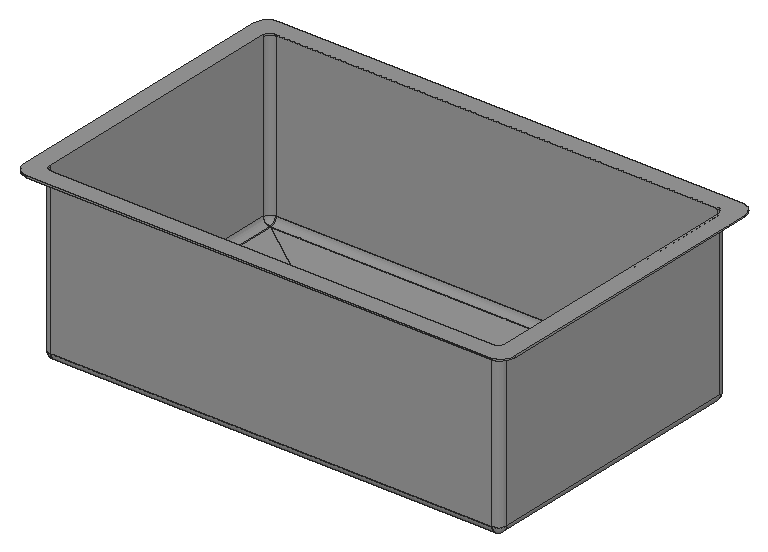
Revit family "BUILDMAT-SNA01005-Avisa-700-Stainless-Steel", category Plumbing Fixtures, host Face, Revit 2020
Family settings
  Host = Face
  Round Connector Dimension = Use Diameter
  Part Type = Normal
  Cut with Voids When Loaded = No
  Shared = No
  Room Calculation Point = No
Parameters (values of type "Avisa 700x450x250mm")
  Width = 650.0 mm
  Undermount [instance] = 0.0 mm
  URL = "https://www.buildmat.com.au/products/700x450x250-single-bowl-kitchen-sink"
  Side Sound Pad = yes
  Side Brackets = yes
  Model = "SNA01005"  # constant formula
  Middle Sound Pad = no
  Middle Bracket = yes
  Manufacturer URL = "https://www.buildmat.com.au/"
  Manufacturer = "BUILDMAT"  # constant formula
  Length = 400.0 mm
  Description = "BUILDMAT - Avisa 700x450 - Large Single Bowl Sink"  # constant formula
  Depth = 250.0 mm
  Default Elevation = 1219.2 mm
  Created By URL = "https://www.buildmat.com.au/"
  Created By = "BUILDMAT"  # constant formula
  Created = "22.06.2022"  # constant formula
  Material = BUILDMAT Stainless Steel
Reference planes
  plane 1 "Center (Front/Back)": y = 0
  plane 2: z = 0
  plane 3 "Center (Left/Right)": x = 0
  plane 4 "Top Substrate": z = 0
  plane 5 "Left": x = -325
  plane 6 "Right": x = 325
  plane 7 "Back": y = 200
  plane 8 "Front": y = -200
  plane 9: x = -350
  plane 10: x = 350
  plane 11: y = -225
  plane 12: y = 225
  plane 13 "Bottom Void": z = -250
  plane 14: z = 1.5
  plane 15: x = -326.5
  plane 16: y = -201.5
  plane 17: x = 326.5
  plane 18: y = 201.5
  plane 19: z = -240
  plane 20: z = -230
  plane 21: x = -315
  plane 22: x = 315
  plane 23: y = -190
  plane 24: y = 190
  plane 25: z = -245
  plane 26: z = -241.5
  plane 27: z = -246.5
  plane 28: x = -100
  plane 29: x = 100
  plane 30 "Sound Pad": z = -130
  plane 31 "Front Bracket": y = -100
  plane 32 "Back Bracket": y = 100
  plane 33: x = -225
  plane 34: x = 225
  plane 35: x = -57
  plane 36: x = 57
  plane 37: x = -45
  plane 38: x = 45
Forms (mm)
  Extrusion 1, void
    sketch origin (0, 0, 0) x (1, 0, 0) y (0, 1, 0)
      loop
        arc (-315, 200) -> (-322.071, 197.071) -> (-325, 190) r 10
        line (-325, 190) -> (-325, -190)
        arc (-325, -190) -> (-322.071, -197.071) -> (-315, -200) r 10
        line (-315, -200) -> (315, -200)
        arc (315, -200) -> (322.071, -197.071) -> (325, -190) r 10
        line (325, -190) -> (325, 190)
        arc (325, 190) -> (322.071, 197.071) -> (315, 200) r 10
        line (315, 200) -> (-315, 200)
    from 0 to 1.5
  Extrusion 2, void
    sketch origin (0, 0, 0) x (1, 0, 0) y (0, 1, 0)
      loop
        line (-326.5, 201.5) -> (-326.5, -201.5) -> (326.5, -201.5) -> (326.5, 201.5) -> (-326.5, 201.5)
    from 0 to -250
  Extrusion 3, void
    sketch origin (0, 0, 0) x (1, 0, 0) y (0, 1, 0)
      loop
        arc (-330, 225) -> (-344.142, 219.142) -> (-350, 205) r 20
        line (-350, 205) -> (-350, -205)
        arc (-350, -205) -> (-344.142, -219.142) -> (-330, -225) r 20
        line (-330, -225) -> (330, -225)
        arc (330, -225) -> (344.142, -219.142) -> (350, -205) r 20
        line (350, -205) -> (350, 205)
        arc (350, 205) -> (344.142, 219.142) -> (330, 225) r 20
        line (330, 225) -> (-330, 225)
    from 1.5 to 0
  Extrusion 4, solid, material "BUILDMAT Stainless Steel" <- "Material"
    sketch origin (0, 0, 0) x (-1, 0, 0) y (0, -1, 0)
      loop
        arc (330, -225) -> (344.142, -219.142) -> (350, -205) r 20
        line (350, -205) -> (350, 205)
        arc (350, 205) -> (344.142, 219.142) -> (330, 225) r 20
        line (330, 225) -> (-330, 225)
        arc (-330, 225) -> (-344.142, 219.142) -> (-350, 205) r 20
        line (-350, 205) -> (-350, -205)
        arc (-350, -205) -> (-344.142, -219.142) -> (-330, -225) r 20
        line (-330, -225) -> (330, -225)
      loop
        arc (315, -200) -> (322.071, -197.071) -> (325, -190) r 10
        line (325, -190) -> (325, 190)
        arc (325, 190) -> (322.071, 197.071) -> (315, 200) r 10
        line (315, 200) -> (-315, 200)
        arc (-315, 200) -> (-322.071, 197.071) -> (-325, 190) r 10
        line (-325, 190) -> (-325, -190)
        arc (-325, -190) -> (-322.071, -197.071) -> (-315, -200) r 10
        line (-315, -200) -> (315, -200)
    from 0 to 1.5
  Extrusion 5, solid, material "BUILDMAT Stainless Steel" <- "Material"
    sketch origin (0, 0, 0) x (-1, 0, 0) y (0, -1, 0)
      loop
        arc (315, -201.5) -> (323.132, -198.132) -> (326.5, -190) r 11.5
        line (326.5, -190) -> (326.5, 190)
        arc (326.5, 190) -> (323.132, 198.132) -> (315, 201.5) r 11.5
        line (315, 201.5) -> (-315, 201.5)
        arc (-315, 201.5) -> (-323.132, 198.132) -> (-326.5, 190) r 11.5
        line (-326.5, 190) -> (-326.5, -190)
        arc (-326.5, -190) -> (-323.132, -198.132) -> (-315, -201.5) r 11.5
        line (-315, -201.5) -> (315, -201.5)
      loop
        arc (-315, 200) -> (-322.071, 197.071) -> (-325, 190) r 10
        line (-325, 190) -> (-325, -190)
        arc (-325, -190) -> (-322.071, -197.071) -> (-315, -200) r 10
        line (-315, -200) -> (315, -200)
        arc (315, -200) -> (322.071, -197.071) -> (325, -190) r 10
        line (325, -190) -> (325, 190)
        arc (325, 190) -> (322.071, 197.071) -> (315, 200) r 10
        line (315, 200) -> (-315, 200)
    from 0 to -230
  Revolve 6, solid, material "BUILDMAT Stainless Steel" <- "Material"
    sketch origin (-175.162, 190, 1219.2) x (-1, 0, 0) y (0, 0, 1)
      loop
        line (-500.162, -1449.2) -> (-501.662, -1449.2)
        arc (-501.662, -1449.2) -> (-498.293, -1457.332) -> (-490.162, -1460.7) r 11.5
        line (-490.162, -1460.7) -> (-490.162, -1459.2)
        arc (-490.162, -1459.2) -> (-497.233, -1456.271) -> (-500.162, -1449.2) r 10
      axis (-490.162, -1460.7) -> (-490.162, -1449.2)
    angle from 0 to -90
  Revolve 7, solid, material "BUILDMAT Stainless Steel" <- "Material"
    sketch origin (-175.162, 190, 1219.2) x (-1, 0, 0) y (0, 0, 1)
      loop
        arc (149.838, -1449.2) -> (146.909, -1456.271) -> (139.838, -1459.2) r 10
        line (139.838, -1459.2) -> (139.838, -1460.7)
        arc (139.838, -1460.7) -> (147.97, -1457.332) -> (151.338, -1449.2) r 11.5
        line (151.338, -1449.2) -> (149.838, -1449.2)
      axis (139.838, -1449.2) -> (139.838, -1460.7)
    angle from 0 to -90
  Revolve 8, solid, material "BUILDMAT Stainless Steel" <- "Material"
    sketch origin (-175.162, -190, 1219.2) x (-1, 0, 0) y (0, 0, 1)
      loop
        arc (149.838, -1449.2) -> (146.909, -1456.271) -> (139.838, -1459.2) r 10
        line (139.838, -1459.2) -> (139.838, -1460.7)
        arc (139.838, -1460.7) -> (147.97, -1457.332) -> (151.338, -1449.2) r 11.5
        line (151.338, -1449.2) -> (149.838, -1449.2)
      axis (139.838, -1449.2) -> (139.838, -1460.7)
    angle from 0 to 90
  Revolve 9, solid, material "BUILDMAT Stainless Steel" <- "Material"
    sketch origin (-175.162, -190, 1219.2) x (-1, 0, 0) y (0, 0, 1)
      loop
        line (-500.162, -1449.2) -> (-501.662, -1449.2)
        arc (-501.662, -1449.2) -> (-498.293, -1457.332) -> (-490.162, -1460.7) r 11.5
        line (-490.162, -1460.7) -> (-490.162, -1459.2)
        arc (-490.162, -1459.2) -> (-497.233, -1456.271) -> (-500.162, -1449.2) r 10
      axis (-490.162, -1449.2) -> (-490.162, -1460.7)
    angle from 0 to 90
  Extrusion 10, solid, material "BUILDMAT Stainless Steel" <- "Material"
    sketch origin (0, 0, 0) x (1, 0, 0) y (0, 0, 1)
      loop
        line (-325, -230) -> (-326.5, -230)
        arc (-326.5, -230) -> (-323.132, -238.132) -> (-315, -241.5) r 11.5
        line (-315, -241.5) -> (-315, -240)
        arc (-315, -240) -> (-322.071, -237.071) -> (-325, -230) r 10
    from -190 to 190
  Extrusion 11, solid, material "BUILDMAT Stainless Steel" <- "Material"
    sketch origin (0, 0, 0) x (1, 0, 0) y (0, 0, 1)
      loop
        arc (325, -230) -> (322.071, -237.071) -> (315, -240) r 10
        line (315, -240) -> (315, -241.5)
        arc (315, -241.5) -> (323.132, -238.132) -> (326.5, -230) r 11.5
        line (326.5, -230) -> (325, -230)
    from -190 to 190
  Extrusion 12, solid, material "BUILDMAT Stainless Steel" <- "Material"
    sketch origin (0, 0, 0) x (0, 1, 0) y (0, 0, 1)
      loop
        arc (200, -230) -> (197.071, -237.071) -> (190, -240) r 10
        line (190, -240) -> (190, -241.5)
        arc (190, -241.5) -> (198.132, -238.132) -> (201.5, -230) r 11.5
        line (201.5, -230) -> (200, -230)
    from -315 to 315
  Extrusion 13, solid, material "BUILDMAT Stainless Steel" <- "Material"
    sketch origin (0, 0, 0) x (0, 1, 0) y (0, 0, 1)
      loop
        line (-200, -230) -> (-201.5, -230)
        arc (-201.5, -230) -> (-198.132, -238.132) -> (-190, -241.5) r 11.5
        line (-190, -241.5) -> (-190, -240)
        arc (-190, -240) -> (-197.071, -237.071) -> (-200, -230) r 10
    from -315 to 315
  Revolve 14, solid, material "BUILDMAT Stainless Steel" <- "Material"
    sketch origin (0, 0, 0) x (1, 0, 0) y (0, 0, 1)
      loop
        line (-45, -250) -> (-45, -248.5)
        spline (-45, -248.5) -> (-46.484, -248.459) -> (-47.939, -248.339) -> (-49.337, -248.141) -> (-50.649, -247.871) -> (-51.848, -247.537) -> (-52.908, -247.151) -> (-53.805, -246.726) -> (-54.514, -246.283) -> (-55.023, -245.856) -> (-55.329, -245.483) -> (-55.468, -245.202) -> (-55.5, -245)
        line (-55.5, -245) -> (-57, -245)
        spline (-57, -245) -> (-56.897, -245.653) -> (-56.591, -246.294) -> (-56.087, -246.913) -> (-55.392, -247.5) -> (-54.52, -248.044) -> (-53.485, -248.536) -> (-52.305, -248.967) -> (-51, -249.33) -> (-49.592, -249.619) -> (-48.106, -249.83) -> (-46.566, -249.957) -> (-45, -250)
      axis (0, -245) -> (0, -250)
    angle from 0 to 360
  Blend 15, solid, material "BUILDMAT Stainless Steel" <- "Material"
    base sketch origin (0, 0, 0) x (-1, 0, 0) y (0, -1, 0)
      loop
        circle (0, 0) r 57
    top sketch origin (0, 0, 0) x (-1, 0, 0) y (0, -1, 0)
      loop
        line (315, -190) -> (315, 190) -> (-315, 190) -> (-315, -190) -> (315, -190)
    from -246.5 to -241.5
  Blend 16, void
    base sketch origin (0, 0, 0) x (-1, 0, 0) y (0, -1, 0)
      loop
        circle (0, 0) r 57
    top sketch origin (0, 0, 0) x (-1, 0, 0) y (0, -1, 0)
      loop
        line (315, -190) -> (315, 190) -> (-315, 190) -> (-315, -190) -> (315, -190)
    from -245 to -240
  Extrusion 17, solid, material "BUILDMAT Stainless Steel" <- "Material"
    sketch origin (0, 0, 0) x (-1, 0, 0) y (0, -1, 0)
      loop
        line (315, -190) -> (315, 190) -> (-315, 190) -> (-315, -190) -> (315, -190)
    from -241.5 to -240
  Extrusion 18, void
    sketch origin (0, 0, 0) x (-1, 0, 0) y (0, -1, 0)
      loop
        circle (0, 0) r 57
    from -250 to -230
Cuts and joins
  joined: Extrusion 4, Extrusion 5
  joined: Revolve 6, Revolve 9
  joined: Revolve 7, Revolve 8
  Blend 16, Extrusion 18 cuts Blend 15
  Blend 16, Extrusion 18 cuts Extrusion 17
  joined: Blend 15, Extrusion 17
Lines and regions (mm)
  Masking region 1
    outline origin (0, 0, 0) x (1, 0, 0) y (0, 0, 1)
      loop
        line (325, 0) -> (-325, 0) -> (-325, -230)
        arc (-325, -230) -> (-322.071, -237.071) -> (-315, -240) r 10
        line (-315, -240) -> (-57, -245) -> (57, -245) -> (315, -240)
        arc (315, -240) -> (322.071, -237.071) -> (325, -230) r 10
        line (325, -230) -> (325, 0)
  Masking region 2
    outline origin (0, 0, 0) x (1, 0, 0) y (0, 0, 1)
      loop
        line (-100, -245.667) -> (-100, -250) -> (-57, -250) -> (-57, -246.5) -> (-100, -245.667)
  Masking region 3
    outline origin (0, 0, 0) x (1, 0, 0) y (0, 0, 1)
      loop
        line (57, -246.5) -> (57, -250) -> (100, -250) -> (100, -245.667) -> (57, -246.5)
Text (mm)
  text "Refer to www.buildmat.com.au for the most current product literature. \nAllow a +/- 5mm tolerance for dimensions shown in the product literature. \nPlease note product details are subject to change due to ongoing product development." at (0.056, -1035.857, 0), in view "Ref. Level"
Dimensions and locks
  "Undermount": plane 2 to plane 4 "Top Substrate"
  equal spacing: plane 5 "Left", plane 3 "Center (Left/Right)", plane 6 "Right"
  "Width": plane 5 "Left" to plane 6 "Right"
  "Length": plane 7 "Back" to plane 8 "Front"
  equal spacing: plane 7 "Back", plane 1 "Center (Front/Back)", plane 8 "Front"
  locked: plane 12 to plane 7 "Back" at 25
  locked: plane 8 "Front" to plane 11 at 25
  locked: plane 9 to plane 5 "Left" at 25
  locked: plane 6 "Right" to plane 10 at 25
  "Depth": plane 4 "Top Substrate" to plane 13 "Bottom Void"
  locked: plane 14 to plane 4 "Top Substrate" at 1.5
  locked: plane 18 to plane 7 "Back" at 1.5
  locked: plane 8 "Front" to plane 16 at 1.5
  plane 15 to plane 5 "Left" = 1.5 mm
  plane 6 "Right" to plane 17 = 1.5 mm
  plane 20 to plane 19 to plane 13 "Bottom Void" = 10.0 mm, 10.0 mm
  locked: plane 5 "Left" to plane 21 at 10
  locked: plane 22 to plane 6 "Right" at 10
  locked: plane 7 "Back" to plane 24 at 10
  locked: plane 23 to plane 8 "Front" at 10
  locked: plane 19 to plane 26 at 1.5
  locked: plane 25 to plane 13 "Bottom Void" at 5
  locked: plane 25 to plane 27 at 1.5
  plane 29 to plane 3 "Center (Left/Right)" to plane 28 = 100.0 mm locked, 100.0 mm locked
  locked: plane 30 "Sound Pad" to plane 13 "Bottom Void" at 120
  locked: plane 7 "Back" to plane 32 "Back Bracket" at 100
  locked: plane 31 "Front Bracket" to plane 8 "Front" at 100
  locked: plane 33 to plane 5 "Left" at 100
  locked: plane 6 "Right" to plane 34 at 100
  equal spacing: plane 3 "Center (Left/Right)", nested 15, plane 33
  equal spacing: plane 34, nested 16, plane 3 "Center (Left/Right)"
  plane 37 to plane 3 "Center (Left/Right)" to plane 38 = 45.0 mm locked, 45.0 mm locked
  plane 35 to plane 3 "Center (Left/Right)" to plane 36 = 57.0 mm locked, 57.0 mm locked
  aligned and locked: plane 2 to host face
  aligned and locked: level to host face
  aligned and locked: plane 8 "Front" to Extrusion 1 sketch curve
  aligned and locked: Extrusion 1 sketch curve to plane 7 "Back"
  aligned and locked: plane 5 "Left" to Extrusion 1 sketch curve
  aligned and locked: Extrusion 1 sketch curve to plane 6 "Right"
  aligned and locked: plane 2 to Extrusion 1
  aligned and locked: plane 14 to Extrusion 1
  aligned and locked: Extrusion 2 sketch curve to plane 16
  aligned and locked: Extrusion 2 sketch curve to plane 18
  aligned and locked: plane 15 to Extrusion 2 sketch curve
  aligned and locked: plane 17 to Extrusion 2 sketch curve
  aligned and locked: Extrusion 2 to plane 13 "Bottom Void"
  aligned and locked: plane 4 "Top Substrate" to Extrusion 2
  aligned and locked: Extrusion 3 sketch curve to plane 11
  aligned and locked: plane 9 to Extrusion 3 sketch curve
  aligned and locked: Extrusion 3 sketch curve to plane 10
  aligned and locked: Extrusion 3 sketch curve to plane 12
  aligned and locked: Extrusion 3 to plane 4 "Top Substrate"
  aligned and locked: Extrusion 3 to plane 14
  aligned and locked: Extrusion 4 sketch curve to plane 11
  aligned and locked: Extrusion 4 sketch curve to plane 12
  aligned and locked: plane 9 to Extrusion 4 sketch curve
  aligned and locked: Extrusion 4 sketch curve to plane 10
  aligned and locked: plane 5 "Left" to Extrusion 4 sketch curve
  aligned and locked: Extrusion 4 sketch curve to plane 6 "Right"
  aligned and locked: Extrusion 4 sketch curve to plane 7 "Back"
  aligned and locked: plane 8 "Front" to Extrusion 4 sketch curve
  aligned and locked: Extrusion 5 sketch curve to plane 7 "Back"
  aligned and locked: plane 5 "Left" to Extrusion 5 sketch curve
  aligned and locked: Extrusion 5 sketch curve to plane 6 "Right"
  aligned and locked: plane 8 "Front" to Extrusion 5 sketch curve
  aligned and locked: plane 15 to Extrusion 5 sketch curve
  aligned and locked: Extrusion 5 sketch curve to plane 16
  aligned and locked: plane 17 to Extrusion 5 sketch curve
  aligned and locked: Extrusion 5 sketch curve to plane 18
  aligned and locked: Extrusion 5 to plane 20
  aligned and locked: plane 4 "Top Substrate" to Extrusion 5
  aligned and locked: Extrusion 11 to plane 23
  aligned and locked: plane 24 to Extrusion 11
  aligned and locked: plane 24 to Extrusion 10
  aligned and locked: Extrusion 10 to plane 23
  aligned and locked: Extrusion 13 to plane 21
  aligned and locked: plane 22 to Extrusion 13
  aligned and locked: plane 22 to Extrusion 12
  aligned and locked: Extrusion 12 to plane 21
  aligned and locked: plane 21 to Blend 15 sketch curve
  aligned and locked: Blend 15 sketch curve to plane 22
  aligned and locked: Blend 15 sketch curve to plane 23
  aligned and locked: Blend 15 sketch curve to plane 24
  aligned and locked: plane 27 to Blend 15
  aligned and locked: Blend 15 to plane 26
  aligned and locked: Blend 16 sketch curve to plane 24
  aligned and locked: plane 21 to Blend 16 sketch curve
  aligned and locked: Blend 16 sketch curve to plane 22
  aligned and locked: Blend 16 sketch curve to plane 23
  aligned and locked: Blend 16 to plane 25
  aligned and locked: Blend 16 to plane 19
  aligned and locked: Extrusion 17 sketch curve to plane 24
  aligned and locked: Extrusion 17 sketch curve to plane 23
  aligned and locked: plane 21 to Extrusion 17 sketch curve
  aligned and locked: Extrusion 17 sketch curve to plane 22
  aligned and locked: Extrusion 17 to plane 26
  aligned and locked: Extrusion 17 to plane 19
  aligned and locked: Extrusion 18 to plane 13 "Bottom Void"
  aligned and locked: plane 20 to Extrusion 18
  aligned and locked: cut or joined group of Blend 15, Blend 16, Extrusion 17, Extrusion 18 to Masking region 2 sketch curve
  aligned and locked: Masking region 3 sketch curve to cut or joined group of Blend 15, Blend 16, Extrusion 17, Extrusion 18
  aligned and locked: plane 3 "Center (Left/Right)" to nested 1
  aligned and locked: nested 1 to plane 4 "Top Substrate"
  aligned and locked: plane 3 "Center (Left/Right)" to nested 2
  aligned and locked: nested 2 to plane 30 "Sound Pad"
  aligned and locked: nested 3 to plane 18
  aligned and locked: plane 3 "Center (Left/Right)" to nested 3
  aligned and locked: plane 16 to nested 4
  aligned and locked: nested 4 to plane 3 "Center (Left/Right)"
  aligned and locked: plane 31 "Front Bracket" to nested 6
  aligned and locked: plane 15 to nested 6
  aligned and locked: plane 31 "Front Bracket" to nested 8
  aligned and locked: plane 17 to nested 8
  aligned and locked: plane 32 "Back Bracket" to nested 7
  aligned and locked: plane 17 to nested 7
  aligned and locked: plane 32 "Back Bracket" to nested 5
  aligned and locked: plane 15 to nested 5
  aligned and locked: nested 9 to plane 4 "Top Substrate"
  aligned and locked: nested 9 to plane 33
  aligned and locked: nested 10 to plane 4 "Top Substrate"
  aligned and locked: nested 10 to plane 34
  aligned and locked: nested 13 to plane 33
  aligned and locked: nested 14 to plane 34
  aligned and locked: plane 16 to nested 13
  aligned and locked: nested 14 to plane 16
  aligned and locked: plane 33 to nested 11
  aligned and locked: nested 11 to plane 18
  aligned and locked: plane 34 to nested 12
  aligned and locked: plane 18 to nested 12
  aligned and locked: nested 15 to plane 30 "Sound Pad"
  aligned and locked: nested 16 to plane 30 "Sound Pad"
  aligned and locked: nested 17 to plane 23
  aligned and locked: nested 17 to plane 24
  aligned and locked: plane 22 to nested 17
  aligned and locked: plane 21 to nested 17
  aligned and locked: plane 3 "Center (Left/Right)" to nested 18
  aligned and locked: plane 1 "Center (Front/Back)" to nested 18
  aligned and locked: plane 4 "Top Substrate" to Masking region 1
Automatic sketch dimensions
  host sketch curve to host sketch curve = 2438.4 mm  (x2)
  plane 5 "Left" to Extrusion 1 sketch curve = 10.0 mm  (x2)
  Extrusion 1 sketch curve to plane 6 "Right" = 10.0 mm  (x2)
  Extrusion 4 sketch curve to plane 10 = 20.0 mm  (x2)
  Extrusion 4 sketch curve to Extrusion 4 sketch curve = 10.0 mm  (x2)
  plane 5 "Left" to Extrusion 4 sketch curve = 10.0 mm
  plane 9 to Extrusion 4 sketch curve = 20.0 mm
  plane 8 "Front" to Extrusion 4 sketch curve = 10.0 mm
  plane 11 to Extrusion 4 sketch curve = 20.0 mm
  Extrusion 3 sketch curve to plane 5 "Left" = 5.0 mm
  plane 6 "Right" to Extrusion 3 sketch curve = 5.0 mm  (x2)
  plane 7 "Back" to Extrusion 3 sketch curve = 5.0 mm
  plane 5 "Left" to Extrusion 5 sketch curve = 10.0 mm
  Extrusion 5 sketch curve to plane 6 "Right" = 10.0 mm
  plane 8 "Front" to Extrusion 5 sketch curve = 10.0 mm
  Extrusion 5 sketch curve to plane 7 "Back" = 10.0 mm
  Extrusion 5 sketch curve to Extrusion 5 sketch curve = 0.0 mm  (x4)
  Revolve 6 sketch curve to Revolve 6 sketch curve = 0.0 mm  (x3)
  plane 17 to Revolve 6 sketch curve = 0.0 mm
  Revolve 6 sketch curve to plane 6 "Right" = 0.0 mm
  Revolve 6 sketch curve to plane 22 = 0.0 mm  (x2)
  Revolve 6 sketch curve to plane 19 = 0.0 mm
  Revolve 6 sketch curve to plane 20 = 0.0 mm
  Revolve 7 sketch curve to Revolve 7 sketch curve = 0.0 mm  (x3)
  Revolve 7 sketch curve to plane 20 = 0.0 mm  (x2)
  Revolve 7 sketch curve to plane 21 = 0.0 mm  (x2)
  Revolve 7 sketch curve to plane 5 "Left" = 0.0 mm
  Revolve 7 sketch curve to plane 15 = 0.0 mm
  Revolve 8 sketch curve to Revolve 8 sketch curve = 0.0 mm  (x3)
  Revolve 8 sketch curve to plane 20 = 0.0 mm  (x2)
  Revolve 8 sketch curve to plane 21 = 0.0 mm  (x2)
  Revolve 8 sketch curve to plane 5 "Left" = 0.0 mm
  Revolve 8 sketch curve to plane 15 = 0.0 mm
  Revolve 9 sketch curve to Revolve 9 sketch curve = 0.0 mm  (x3)
  plane 17 to Revolve 9 sketch curve = 0.0 mm
  Revolve 9 sketch curve to plane 6 "Right" = 0.0 mm
  Revolve 9 sketch curve to plane 22 = 0.0 mm  (x2)
  Revolve 9 sketch curve to plane 20 = 0.0 mm
  Revolve 9 sketch curve to plane 19 = 0.0 mm
  Extrusion 10 sketch curve to plane 15 = 0.0 mm
  Extrusion 10 sketch curve to plane 5 "Left" = 0.0 mm
  Extrusion 10 sketch curve to plane 19 = 0.0 mm
  Extrusion 10 sketch curve to plane 21 = 0.0 mm
  Extrusion 11 sketch curve to plane 20 = 0.0 mm
  Extrusion 11 sketch curve to plane 22 = 0.0 mm
  Extrusion 11 sketch curve to plane 6 "Right" = 0.0 mm
  plane 17 to Extrusion 11 sketch curve = 0.0 mm
  Extrusion 12 sketch curve to plane 20 = 0.0 mm
  Extrusion 12 sketch curve to plane 24 = 0.0 mm
  Extrusion 12 sketch curve to plane 7 "Back" = 0.0 mm
  Extrusion 12 sketch curve to plane 18 = 0.0 mm
  Extrusion 13 sketch curve to plane 16 = 0.0 mm
  Extrusion 13 sketch curve to plane 8 "Front" = 0.0 mm
  Extrusion 13 sketch curve to plane 23 = 0.0 mm
  Extrusion 13 sketch curve to plane 19 = 0.0 mm
  Revolve 14 sketch curve to plane 25 = 0.0 mm
  Revolve 14 sketch curve to plane 13 "Bottom Void" = 0.0 mm  (x2)
  Revolve 14 sketch curve to plane 3 "Center (Left/Right)" = 0.0 mm
  Revolve 14 sketch curve to plane 20 = 0.0 mm
  Revolve 14 sketch curve to plane 3 "Center (Left/Right)" = 45.0 mm
  Revolve 14 sketch curve to Revolve 14 sketch curve = 10.5 mm
  Revolve 14 sketch curve to Revolve 14 sketch curve = 1.5 mm  (x2)
  Revolve 14 sketch curve to Revolve 14 sketch curve = 0.0 mm
  plane 1 "Center (Front/Back)" to Blend 15 sketch curve = 0.0 mm
  Blend 15 sketch curve to plane 3 "Center (Left/Right)" = 0.0 mm
  plane 1 "Center (Front/Back)" to Blend 16 sketch curve = 0.0 mm
  Blend 16 sketch curve to plane 3 "Center (Left/Right)" = 0.0 mm
  plane 1 "Center (Front/Back)" to Extrusion 18 sketch curve = 0.0 mm
  Extrusion 18 sketch curve to plane 3 "Center (Left/Right)" = 0.0 mm
  Masking region 1 sketch curve to level = 0.0 mm
  Masking region 1 sketch curve to plane 20 = 0.0 mm
  Masking region 1 sketch curve to plane 21 = 0.0 mm
  Masking region 1 sketch curve to plane 25 = 0.0 mm
  Masking region 1 sketch curve to plane 3 "Center (Left/Right)" = 57.0 mm
  plane 3 "Center (Left/Right)" to Masking region 1 sketch curve = 57.0 mm
  Masking region 1 sketch curve to plane 19 = 0.0 mm
  Masking region 1 sketch curve to plane 22 = 0.0 mm
  Masking region 1 sketch curve to plane 6 "Right" = 0.0 mm
  Masking region 1 sketch curve to plane 5 "Left" = 0.0 mm
  Masking region 2 sketch curve to plane 28 = 0.0 mm
  Masking region 2 sketch curve to plane 13 "Bottom Void" = 0.0 mm
  Masking region 2 sketch curve to plane 27 = 0.0 mm
  Masking region 3 sketch curve to plane 27 = 0.0 mm
  Masking region 3 sketch curve to plane 13 "Bottom Void" = 0.0 mm
  Masking region 3 sketch curve to plane 29 = 0.0 mm
  radius of Blend 15 sketch curve = 57.0 mm
  radius of Blend 16 sketch curve = 57.0 mm
  radius of Extrusion 18 sketch curve = 57.0 mm
Nested families
  nested 1: "TMB_Front" at (0, 0, 0) x (1, 0, 0) z (0, -1, 0), visible <- "Middle Bracket", type "TMB_Front"
  nested 2: "SP_Front" at (0, 0, -130) x (1, 0, 0) z (0, -1, 0), visible <- "Middle Sound Pad", type "SP_Front"
  nested 3: "TMB_Plan" at (0, 201.5, 0), visible <- "Middle Bracket", type "TMB_Plan"
  nested 4: "TMB_Plan" at (0, -201.5, 0) x (-1, 0, 0) z (0, 0, 1), visible <- "Middle Bracket", type "TMB_Plan"
  nested 5: "TMB_Plan" at (-326.5, 100, 0) x (0, 1, 0) z (0, 0, 1), type "TMB_Plan"
  nested 6: "TMB_Plan" at (-326.5, -100, 0) x (0, 1, 0) z (0, 0, 1), type "TMB_Plan"
  nested 7: "TMB_Plan" at (326.5, 100, 0) x (0, -1, 0) z (0, 0, 1), type "TMB_Plan"
  nested 8: "TMB_Plan" at (326.5, -100, 0) x (0, -1, 0) z (0, 0, 1), type "TMB_Plan"
  nested 9: "TMB_Front" at (-225, 0, 0) x (1, 0, 0) z (0, -1, 0), visible <- "Side Brackets", type "TMB_Front"
  nested 10: "TMB_Front" at (225, 0, 0) x (1, 0, 0) z (0, -1, 0), visible <- "Side Brackets", type "TMB_Front"
  nested 11: "TMB_Plan" at (-225, 201.5, 0), visible <- "Side Brackets", type "TMB_Plan"
  nested 12: "TMB_Plan" at (225, 201.5, 0), visible <- "Side Brackets", type "TMB_Plan"
  nested 13: "TMB_Plan" at (-225, -201.5, 0) x (-1, 0, 0) z (0, 0, 1), visible <- "Side Brackets", type "TMB_Plan"
  nested 14: "TMB_Plan" at (225, -201.5, 0) x (-1, 0, 0) z (0, 0, 1), visible <- "Side Brackets", type "TMB_Plan"
  nested 15: "SP_Front" at (-112.5, 0, -130) x (1, 0, 0) z (0, -1, 0), visible <- "Side Sound Pad", type "SP_Front"
  nested 16: "SP_Front" at (112.5, 0, -130) x (1, 0, 0) z (0, -1, 0), visible <- "Side Sound Pad", type "SP_Front"
  nested 17: "BOWL Plan" at (0, 0, -130), type "BOWL Plan"
    with Width 630.0 mm, Lenght 380.0 mm
  nested 18: "DRAIN" at (0, 0, 0), type "DRAIN"
Definition of nested family "TMB_Front"
  Reference planes
    plane 1 "Center (Elevation)": y = 0
    plane 2: z = 0
    plane 3 "Center (Left/Right)": x = 0
  Lines and regions (mm)
    Masking region 1, in view "Ref. Level"
      outline origin (0, 0, 0) x (1, 0, 0) y (0, 1, 0)
        loop
          line (-17.5, 0) -> (-17.5, -80) -> (17.5, -80) -> (17.5, 0) -> (-17.5, 0)
    detail lines, in view "Ref. Level"
      curve 1: line (-17.5, 0, 0) -> (-17.5, -80, 0)
      curve 2: line (-17.5, -80, 0) -> (17.5, -80, 0)
      curve 3: line (17.5, -80, 0) -> (17.5, 0, 0)
      curve 4: line (-12.5, -50, 0) -> (12.5, -50, 0)
      curve 5: line (-12.5, -75, 0) -> (-12.5, -50, 0)
      curve 6: line (12.5, -75, 0) -> (-12.5, -75, 0)
      curve 7: line (12.5, -50, 0) -> (12.5, -75, 0)
Definition of nested family "SP_Front"
  Reference planes
    plane 1 "Center (Elevation)": y = 0
    plane 2: z = 0
    plane 3 "Center (Left/Right)": x = 0
  Lines and regions (mm)
    Masking region 1, in view "Ref. Level"
      outline origin (0, 0, 0) x (1, 0, 0) y (0, 1, 0)
        loop
          arc (-50, 40) -> (-57.071, 37.071) -> (-60, 30) r 10
          line (-60, 30) -> (-60, -30)
          arc (-60, -30) -> (-57.071, -37.071) -> (-50, -40) r 10
          line (-50, -40) -> (50, -40)
          arc (50, -40) -> (57.071, -37.071) -> (60, -30) r 10
          line (60, -30) -> (60, 30)
          arc (60, 30) -> (57.071, 37.071) -> (50, 40) r 10
          line (50, 40) -> (-50, 40)
    detail lines, in view "Ref. Level"
      curve 1: line (-50, 40, 0) -> (50, 40, 0)
      curve 2: line (50, -40, 0) -> (-50, -40, 0)
      curve 3: line (60, 30, 0) -> (60, -30, 0)
      curve 4: line (-60, 30, 0) -> (-60, -30, 0)
      curve 5: arc (-50, 40, 0) -> (-57.071, 37.071, 0) -> (-60, 30, 0) r 10
      curve 6: arc (-60, -30, 0) -> (-57.071, -37.071, 0) -> (-50, -40, 0) r 10
      curve 7: arc (50, -40, 0) -> (57.071, -37.071, 0) -> (60, -30, 0) r 10
      curve 8: arc (60, 30, 0) -> (57.071, 37.071, 0) -> (50, 40, 0) r 10
  Dimensions and locks
    aligned and locked: Masking region 1 sketch curve to curve 1
    aligned and locked: Masking region 1 sketch curve to curve 4
    aligned and locked: Masking region 1 sketch curve to curve 2
    aligned and locked: Masking region 1 sketch curve to curve 3
Definition of nested family "TMB_Plan"
  Reference planes
    plane 1 "Center (Front/Back)": y = 0
    plane 2: z = 0
    plane 3 "Center (Left/Right)": x = 0
  Lines and regions (mm)
    detail lines, in view "Ref. Level"
      curve 1: line (-17.5, 0, 0) -> (17.5, 0, 0)
      curve 2: line (17.5, 0, 0) -> (17.5, 5, 0)
      curve 3: line (17.5, 5, 0) -> (12.5, 5, 0)
      curve 4: line (-17.5, 0, 0) -> (-17.5, 5, 0)
      curve 5: line (-17.5, 5, 0) -> (-12.5, 5, 0)
Definition of nested family "BOWL Plan"
  Parameters (values of type "BOWL Plan")
    Width [instance] = 600.0 mm
    Lenght [instance] = 400.0 mm
  Reference planes
    plane 1 "Center (Front/Back)": y = 0
    plane 2: z = 0
    plane 3 "Center (Left/Right)": x = 0
    plane 4 "Left": x = -300
    plane 5 "Right": x = 300
    plane 6 "Back": y = 200
    plane 7 "Front": y = -200
  Lines and regions (mm)
    Masking region 1, in view "Ref. Level"
      outline origin (0, 0, 0) x (1, 0, 0) y (0, 1, 0)
        loop
          line (-300, 200) -> (-300, -200) -> (300, -200) -> (300, 200) -> (-300, 200)
    detail lines, in view "Ref. Level"
      curve 1: line (-300, 200, 0) -> (300, -200, 0)
      curve 2: line (-300, -200, 0) -> (300, 200, 0)
  Dimensions and locks
    equal spacing: plane 6 "Back", plane 1 "Center (Front/Back)", plane 7 "Front"
    "Lenght": plane 6 "Back" to plane 7 "Front"
    equal spacing: plane 4 "Left", plane 3 "Center (Left/Right)", plane 5 "Right"
    "Width": plane 4 "Left" to plane 5 "Right"
    aligned and locked: plane 4 "Left" to Masking region 1 sketch curve
    aligned and locked: Masking region 1 sketch curve to plane 5 "Right"
    aligned and locked: plane 7 "Front" to Masking region 1 sketch curve
    aligned and locked: Masking region 1 sketch curve to plane 6 "Back"
  Automatic sketch dimensions
    curve 2 to plane 4 "Left" = 0.0 mm
    curve 1 to plane 4 "Left" = 0.0 mm
    curve 2 to plane 5 "Right" = 0.0 mm
    curve 1 to plane 5 "Right" = 0.0 mm
    curve 1 to plane 7 "Front" = 0.0 mm
    curve 2 to plane 7 "Front" = 0.0 mm
    curve 2 to plane 6 "Back" = 0.0 mm
    curve 1 to plane 6 "Back" = 0.0 mm
Definition of nested family "DRAIN"
  Reference planes
    plane 1 "Center (Front/Back)": y = 0
    plane 2: z = 0
    plane 3 "Center (Left/Right)": x = 0
  Lines and regions (mm)
    Masking region 1, in view "Ref. Level"
      outline origin (0, 0, 0) x (1, 0, 0) y (0, 1, 0)
        loop
          circle (0, 0) r 57
    detail lines, in view "Ref. Level"
      curve 1: circle (0, 0, 0) r 45 normal (0, 0, 1)
      curve 2: circle (0, 0, 0) r 55.5 normal (0, 0, 1)
